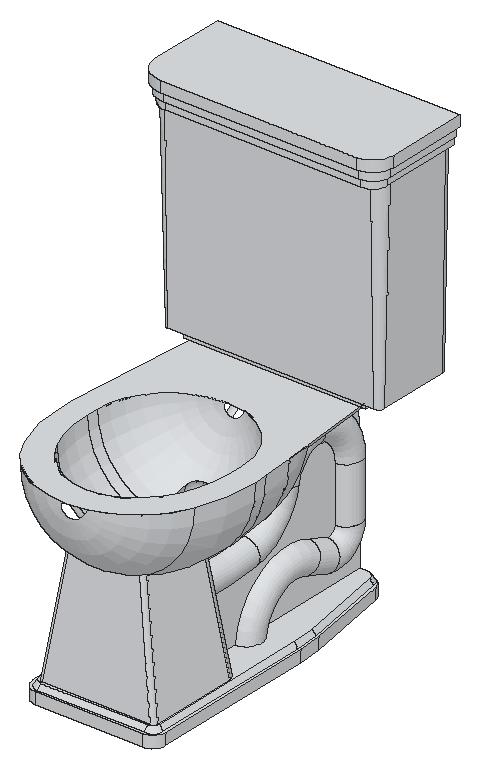
Revit family "Toilet-Elongated_Traditional_Eco-Promenade_CST423EF_TOTO", category Plumbing Fixtures, host Face, Revit 2013
Parameters
  ecoScorecard_data = "http://toto.ecoscorecard.com/product/CST423EF"
  ecoScorecard Product Page = "http://toto.ecoscorecard.com/product/CST423EF"
  Width = 1' - 6.4252"  # constant formula
  WaterSense = yes
  Waste Connection Wall Offset = 1' - 1 49/256"
  Waste Connection NPT Radius = 0' - 1 1/8"
  Waste Connection = yes
  Warranty URL = "http://www.totousa.com/warranty-registration"
  Warranty = "One Year Limited Warranty"
  WFU = 0
  Vent Connection = yes
  URL = "http://www.totousa.com"
  Toto BIM Number = "BM-00175"  # constant formula
  Supply Connection Radius [instance] = 0' - 0 3/16"
  Supply Connection Offset from Center = 0' - 6"
  Supply Connection Height Offset = 0' - 5 1/8"
  Subcategory = "Toilets"  # constant formula
  Style = "Traditional"  # constant formula
  Spec Sheet URL = "http://assets.totousa.com/product-files/SS-00217_CST423EF_G.pdf"
  Shipping Weight = 95.50 lbf
  Series = "Eco Promenade"  # constant formula
  SanoGloss Available = no
  Rough in Distance = 1' - 0"
  Rough in Availability = "12\""
  Product Page URL = " "
  Parts Manual URL = " "
  Mount Type = "Floor-Mounted"
  Model = "CST423EF"  # constant formula
  Manufacturer Phone - Toll Free = "1-888-295-8134"  # constant formula
  Manufacturer Phone = "(770) 282-8686"  # constant formula
  Manufacturer Fax = "(770) 282-0002"  # constant formula
  Manufacturer Email = "mailto:custservice@totousa.com"
  Manufacturer Address = "1155 Southern Road, Morrow, Georgia 30260"  # constant formula
  Manufacturer = "TOTO USA, Inc."  # constant formula
  Length = 2' - 2 1/8"  # constant formula
  Installation URL = " "
  Industry Standards = "Meets and exceeds ASME A112.19.2/CSA B45.1"
  Height = 2' - 10 115/256"  # constant formula
  HWFU = 0
  HW Connection = no
  Gallons Per Flush = 128.0 gal
  Flush System = "E-Max"
  Finish = Vitreous China - TOTO - 01 Cotton
  Description = "Close Coupled Toilet"  # constant formula
  Default Elevation = 0' - 0"
  Cost Info = "mailto:custservice@totousa.com "
  Color Availability = "#01 Cotton, #03 Bone, #11 Colonial White, #12 Sedona Beige, #51 Ebony"
  Cold Water Connection NPT Radius = 0' - 0 1/4"
  Code Compliance = "UPC, IPC, NSPC, NPC Canada, and others"
  Certifications = "IAPMO (cUPC), State of Massachusetts, City of Los Angeles, and others"
  CWFU = 0
  CW Connection = yes
  CAD Drawing URL = "http://assets.totousa.com/product-files/AD-00187_CST423.dxf"
  Bowl Material = "Vitreous China"
  Assembly Code = "D2010110"
  ADA Compliant = no
  95 CSI = "15410-800"  # constant formula
  04 CSI = "22 42 13"  # constant formula
Types (2): name | ecoScorecard_data | ecoScorecard Product Page
  (no name) | "http://toto.ecoscorecard.com/product/CST423EF" | "http://toto.ecoscorecard.com/product/CST423EF"
  CST423EF | " " | "  "
Reference planes (in)
  plane 1 "Center (Front/Back)": y = 0
  plane 2: z = 0
  plane 3 "Center (Left/Right)": x = 0
  plane 4: x = -5.0625
  plane 5: x = 5.0625
  plane 6: y = -13.0625
  plane 7: z = 34.44922
  plane 8: z = 0.875
  plane 9: z = 1.25
  plane 10: y = 13.0625
  plane 11: x = -7.375
  plane 12: x = 7.375
  plane 13: x = -9.5625
  plane 14: x = 9.5625
  plane 15 "Wall Closure": y = 13.8125
  plane 16: z = 32.26172
  plane 17: z = 16.25
  plane 18: z = 16.75
  plane 19: z = 14.5
  plane 20: z = 30.51172
  plane 21: y = 9.09375
  plane 22: z = 5.125
  plane 23: y = 1.8125
  plane 24: x = -6
  plane 25: y = 0.62109
  plane 26: x = 9.2126
  plane 27: x = -9.2126
Forms (in)
  Blend 1, solid, material "Vitreous China - TOTO - 01 Cotton" <- "Finish"
    base sketch origin (-60, -180, 32.26172) x (-1, 0, 0) y (0, -1, 0)
      loop
        line (-68.0625, -193.0625) -> (-51.9375, -193.0625)
        arc (-51.9375, -193.0625) -> (-51.53975, -192.89775) -> (-51.375, -192.5) r 0.5625
        line (-51.375, -192.5) -> (-51.375, -187.1259)
        arc (-51.375, -187.1259) -> (-51.60379, -186.56071) -> (-52.16132, -186.31382) r 0.8125
        arc (-52.16132, -186.31382) -> (-60, -186.1875) -> (-67.83868, -186.31382) r 243.26563
        arc (-67.83868, -186.31382) -> (-68.39621, -186.56071) -> (-68.625, -187.1259) r 0.8125
        line (-68.625, -187.1259) -> (-68.625, -192.5)
        arc (-68.625, -192.5) -> (-68.46025, -192.89775) -> (-68.0625, -193.0625) r 0.5625
    top sketch origin (-60, -180, 32.26172) x (-1, 0, 0) y (0, -1, 0)
      loop
        line (-68.0625, -192.82812) -> (-51.9375, -192.82812)
        arc (-51.9375, -192.82812) -> (-51.77177, -192.75948) -> (-51.70313, -192.59375) r 0.23438
        line (-51.70313, -192.59375) -> (-51.70313, -187.1259)
        arc (-51.70313, -187.1259) -> (-51.83952, -186.78896) -> (-52.17189, -186.64178) r 0.48437
        arc (-52.17189, -186.64178) -> (-60, -186.51562) -> (-67.82811, -186.64178) r 242.9375
        arc (-67.82811, -186.64178) -> (-68.16048, -186.78896) -> (-68.29688, -187.1259) r 0.48437
        line (-68.29688, -187.1259) -> (-68.29688, -192.59375)
        arc (-68.29688, -192.59375) -> (-68.22823, -192.75948) -> (-68.0625, -192.82812) r 0.23438
    from 0 to -15.51172
  Extrusion 2, solid, material "Vitreous China - TOTO - 01 Cotton" <- "Finish"
    sketch origin (-60, -180, 16.25) x (-1, 0, 0) y (0, -1, 0)
      loop
        line (-66.9375, -192.26562) -> (-53.0625, -192.26562) -> (-53.0625, -187.01562) -> (-66.9375, -187.01562) -> (-66.9375, -192.26562)
    from 0 to 0.5
  Revolve 3, solid, material "Vitreous China - TOTO - 01 Cotton" <- "Finish"
    sketch origin (-60, -180, 16.25) x (-1, 0, 0) y (0, -1, 0)
      loop
        arc (-53.52036, -171.28906) -> (-56.09738, -168.12634) -> (-60, -166.9375) r 7
        line (-60, -166.9375) -> (-60, -168.9375)
        arc (-60, -168.9375) -> (-57.25955, -169.85687) -> (-55.37168, -172.04576) r 5.46369
        arc (-55.37168, -172.04576) -> (-54.70065, -173.98593) -> (-54.47325, -176.02623) r 9.26682
        line (-54.47325, -176.02623) -> (-54.47325, -176.97154)
        arc (-54.47325, -176.97154) -> (-56.09199, -180.87955) -> (-60, -182.49829) r 5.52675
        line (-60, -182.49829) -> (-60, -185.8125)
        arc (-60, -185.8125) -> (-55.19147, -184.07666) -> (-52.89341, -179.51004) r 6.90744
        line (-52.89341, -179.51004) -> (-52.67578, -177.01953)
        arc (-52.67578, -177.01953) -> (-52.64086, -176.51024) -> (-52.625, -176) r 13.65234
        arc (-52.625, -176) -> (-52.83611, -173.59957) -> (-53.52036, -171.28906) r 12.05703
      axis (-60, -185.8125) -> (-60, -166.9375)
    angle from 0 to 180
  Blend 4, solid, material "Vitreous China - TOTO - 01 Cotton" <- "Finish"
    base sketch origin (-60, -180, 16.25) x (-1, 0, 0) y (0, -1, 0)
      loop
        line (-53.92836, -191.35254) -> (-52.90856, -179.66362)
        arc (-52.90856, -179.66362) -> (-55.24949, -184.12753) -> (-60, -185.8125) r 6.90744
        arc (-60, -185.8125) -> (-64.80853, -184.07666) -> (-67.10659, -179.51004) r 6.90744
        line (-67.10659, -179.51004) -> (-66.07175, -191.35268)
        arc (-66.07175, -191.35268) -> (-65.75117, -192.00287) -> (-65.07554, -192.26562) r 1
        line (-65.07554, -192.26562) -> (-54.92458, -192.26562)
        arc (-54.92458, -192.26562) -> (-54.2489, -192.00282) -> (-53.92836, -191.35254) r 1
    top sketch origin (-60, -180, 16.25) x (-1, 0, 0) y (0, -1, 0)
      loop
        line (-55.93596, -191.35254) -> (-54.85806, -178.99774)
        arc (-54.85806, -178.99774) -> (-56.8898, -181.54009) -> (-60, -182.49829) r 5.52675
        arc (-60, -182.49829) -> (-63.11281, -181.53831) -> (-65.14425, -178.99186) r 5.52675
        line (-65.14425, -178.99186) -> (-64.06413, -191.35268)
        arc (-64.06413, -191.35268) -> (-63.74355, -192.00287) -> (-63.06792, -192.26562) r 1
        line (-63.06792, -192.26562) -> (-56.93218, -192.26562)
        arc (-56.93218, -192.26562) -> (-56.2565, -192.00282) -> (-55.93596, -191.35254) r 1
    from 0 to -2.20526
  Extrusion 5, solid, material "Vitreous China - TOTO - 01 Cotton" <- "Finish"
    sketch origin (0, 0, 0) x (1, 0, 0) y (0, 1, 0)
      loop
        arc (-2.81351, 12.67187) -> (-3.4614, 12.43361) -> (-3.80055, 11.83235) r 1
        line (-3.80055, 11.83235) -> (-4.90698, 5.02687)
        arc (-4.90698, 5.02687) -> (-5.02356, 4.06717) -> (-5.0625, 3.1012) r 12
        line (-5.0625, 3.1012) -> (-5.0625, -9.67969)
        arc (-5.0625, -9.67969) -> (-4.76961, -10.38679) -> (-4.0625, -10.67969) r 1
        line (-4.0625, -10.67969) -> (4.0625, -10.67969)
        arc (4.0625, -10.67969) -> (4.76961, -10.38679) -> (5.0625, -9.67969) r 1
        line (5.0625, -9.67969) -> (5.0625, 3.1012)
        arc (5.0625, 3.1012) -> (5.02356, 4.06717) -> (4.90698, 5.02687) r 12
        line (4.90698, 5.02687) -> (3.80055, 11.83235)
        arc (3.80055, 11.83235) -> (3.4614, 12.43361) -> (2.81351, 12.67187) r 1
        line (2.81351, 12.67187) -> (-2.81351, 12.67187)
    from 0 to 0.875
  Blend 6, solid, material "Vitreous China - TOTO - 01 Cotton" <- "Finish"
    base sketch origin (-60, -180, 0.875) x (-1, 0, 0) y (0, -1, 0)
      loop
        line (-55.15625, -183.1012) -> (-55.15625, -170.32031)
        arc (-55.15625, -170.32031) -> (-55.38507, -169.76789) -> (-55.9375, -169.53906) r 0.78125
        line (-55.9375, -169.53906) -> (-64.0625, -169.53906)
        arc (-64.0625, -169.53906) -> (-64.61493, -169.76789) -> (-64.84375, -170.32031) r 0.78125
        line (-64.84375, -170.32031) -> (-64.84375, -183.1012)
        arc (-64.84375, -183.1012) -> (-64.80552, -184.04956) -> (-64.69107, -184.99176) r 11.78125
        line (-64.69107, -184.99176) -> (-63.54907, -192.01599)
        arc (-63.54907, -192.01599) -> (-63.28411, -192.48573) -> (-62.77795, -192.67187) r 0.78125
        line (-62.77795, -192.67187) -> (-57.22205, -192.67187)
        arc (-57.22205, -192.67187) -> (-56.71589, -192.48573) -> (-56.45093, -192.01599) r 0.78125
        line (-56.45093, -192.01599) -> (-55.30893, -184.99176)
        arc (-55.30893, -184.99176) -> (-55.19448, -184.04956) -> (-55.15625, -183.1012) r 11.78125
    top sketch origin (-60, -180, 0.875) x (-1, 0, 0) y (0, -1, 0)
      loop
        line (-55.40625, -183.1012) -> (-55.40625, -170.32031)
        arc (-55.40625, -170.32031) -> (-55.56185, -169.94466) -> (-55.9375, -169.78906) r 0.53125
        line (-55.9375, -169.78906) -> (-64.0625, -169.78906)
        arc (-64.0625, -169.78906) -> (-64.43815, -169.94466) -> (-64.59375, -170.32031) r 0.53125
        line (-64.59375, -170.32031) -> (-64.59375, -183.1012)
        arc (-64.59375, -183.1012) -> (-64.55633, -184.02943) -> (-64.44431, -184.95165) r 11.53125
        line (-64.44431, -184.95165) -> (-63.31611, -191.89099)
        arc (-63.31611, -191.89099) -> (-63.05115, -192.36073) -> (-62.54499, -192.54687) r 0.78125
        line (-62.54499, -192.54687) -> (-57.45501, -192.54687)
        arc (-57.45501, -192.54687) -> (-56.94885, -192.36073) -> (-56.68389, -191.89099) r 0.78125
        line (-56.68389, -191.89099) -> (-55.55569, -184.95165)
        arc (-55.55569, -184.95165) -> (-55.44367, -184.02943) -> (-55.40625, -183.1012) r 11.53125
    from 0 to 0.375
  Blend 7, solid, material "Vitreous China - TOTO - 01 Cotton" <- "Finish"
    base sketch origin (-60, -180, 1.25) x (-1, 0, 0) y (0, -1, 0)
      loop
        arc (-56.15625, -177.72317) -> (-55.7585, -177.55842) -> (-55.59375, -177.16067) r 0.5625
        line (-55.59375, -177.16067) -> (-55.59375, -170.32031)
        arc (-55.59375, -170.32031) -> (-55.69443, -170.07724) -> (-55.9375, -169.97656) r 0.34375
        line (-55.9375, -169.97656) -> (-64.0625, -169.97656)
        arc (-64.0625, -169.97656) -> (-64.30557, -170.07724) -> (-64.40625, -170.32031) r 0.34375
        line (-64.40625, -170.32031) -> (-64.40625, -177.16067)
        arc (-64.40625, -177.16067) -> (-64.2415, -177.55842) -> (-63.84375, -177.72317) r 0.5625
        line (-63.84375, -177.72317) -> (-56.15625, -177.72317)
    top sketch origin (-60, -180, 1.25) x (-1, 0, 0) y (0, -1, 0)
      loop
        arc (-62.94922, -176.37721) -> (-62.85769, -176.59818) -> (-62.63672, -176.68971) r 0.3125
        line (-62.63672, -176.68971) -> (-57.36328, -176.68971)
        arc (-57.36328, -176.68971) -> (-57.14231, -176.59818) -> (-57.05078, -176.37721) r 0.3125
        line (-57.05078, -176.37721) -> (-57.05078, -171.10377)
        arc (-57.05078, -171.10377) -> (-57.14231, -170.8828) -> (-57.36328, -170.79127) r 0.3125
        line (-57.36328, -170.79127) -> (-62.63672, -170.79127)
        arc (-62.63672, -170.79127) -> (-62.85769, -170.8828) -> (-62.94922, -171.10377) r 0.3125
        line (-62.94922, -171.10377) -> (-62.94922, -176.37721)
    from 0 to 9.47266
  Extrusion 8, solid, material "Vitreous China - TOTO - 01 Cotton" <- "Finish"
    sketch origin (0, 0, 0) x (0, 1, 0) y (0, 0, 1)
      loop
        line (12.54687, 1.25) -> (12.54687, 9.39423)
        arc (12.54687, 9.39423) -> (12.4765, 11.72373) -> (12.26562, 14.04474) r 38.58898
        line (12.26562, 14.04474) -> (4.54687, 14.04474) -> (-3.4123, 9.26238) -> (-3.4123, 1.25) -> (12.54687, 1.25)
    from -2 to 2
  Sweep 9, solid, material "Vitreous China - TOTO - 01 Cotton" <- "Finish"
    path origin (0, 0, 0) x (0, 1, 0) y (0, 0, 1)
      loop
        arc (1.78737, 0.875) -> (3.61117, 4.08496) -> (7.29702, 4.29592) r 3.86115
        arc (7.29702, 4.29592) -> (8.2381, 3.90784) -> (9.21331, 3.61595) r 10.1517
        arc (9.21331, 3.61595) -> (10.65265, 3.92605) -> (11.29687, 5.25) r 1.68254
        line (11.29687, 5.25) -> (11.29687, 9.5)
        arc (11.29687, 9.5) -> (10.29349, 11.92238) -> (7.87111, 12.92576) r 3.42576
        arc (7.87111, 12.92576) -> (5.997, 12.23721) -> (5.01444, 10.49912) r 2.89478
        arc (5.01444, 10.49912) -> (3.87486, 8.30261) -> (1.65744, 7.20429) r 3.97939
        arc (1.65744, 7.20429) -> (-1.01254, 6.98058) -> (-3.69008, 7.0789) r 22.28672
    profile origin (0, 11.29687, 7.375) x (0, -1, 0) y (1, 0, 0)
      loop
        arc (1.125, 2) -> (0, 3.125) -> (-1.125, 2) r 1.125
        line (-1.125, 2) -> (-1.125, -2)
        arc (-1.125, -2) -> (0, -3.125) -> (1.125, -2) r 1.125
        line (1.125, -2) -> (1.125, 2)
  Revolve 10, void
    sketch origin (-60, -180, 10.75) x (-1, 0, 0) y (0, -1, 0)
      loop
        line (-60, -180.5) -> (-59.5, -180.5)
        arc (-59.5, -180.5) -> (-59.01226, -180.29797) -> (-58.81023, -179.81023) r 0.68977
        arc (-58.81023, -179.81023) -> (-58.93776, -178.301) -> (-59.31673, -176.83458) r 8.99415
        arc (-59.31673, -176.83458) -> (-59.49936, -176.59213) -> (-59.78857, -176.5) r 0.5
        line (-59.78857, -176.5) -> (-60, -176.5) -> (-60, -180.5)
      axis (-60, -180.5) -> (-60, -176.5)
    angle from 0 to 360
  Extrusion 11, solid, material "Metal - TOTO - Chrome - Polished", detail levels fine
    sketch origin (-8.8308, -58.59704, 51.24468) x (0, -1, 0) y (0, 0, -1)
      loop
        circle (-67.69079, 20.73296) r 0.75
    from 0 to 0.5
  Blend 12, solid, material "Metal - TOTO - Chrome - Polished", detail levels fine
    base sketch origin (-8.8308, -58.59704, 51.24468) x (0, 1, 0) y (0, 0, -1)
      loop
        circle (67.69079, 20.73296) r 0.68349
    top sketch origin (-8.8308, -58.59704, 51.24468) x (0, 1, 0) y (0, 0, -1)
      loop
        circle (67.69079, 20.73296) r 0.44247
    from 0 to 0.625
  Revolve 13, solid, material "Metal - TOTO - Chrome - Polished", detail levels fine
    sketch origin (-55.3308, 9.09375, 50.74468) x (-1, 0, 0) y (0, 0, 1)
      loop
        line (-45.875, -20.23296) -> (-44.8047, -20.23296)
        arc (-44.8047, -20.23296) -> (-45.19091, -19.65145) -> (-45.875, -19.79049) r 0.625
        line (-45.875, -19.79049) -> (-45.875, -20.23296)
      axis (-45.875, -20.23296) -> (-44.8047, -20.23296)
    angle from 0 to 360
  Revolve 14, solid, material "Metal - TOTO - Chrome - Polished", detail levels fine
    sketch origin (-9.90139, -60.84704, 50.86777) x (0, -1, 0) y (0, 0, 1)
      loop
        line (-69.94079, -20.98296) -> (-69.94079, -22.73296) -> (-69.85912, -22.73296)
        arc (-69.85912, -22.73296) -> (-69.72246, -22.67384) -> (-69.67198, -22.53376) r 0.1875
        line (-69.67198, -22.53376) -> (-69.77014, -20.96329)
        arc (-69.77014, -20.96329) -> (-69.8549, -20.97802) -> (-69.94079, -20.98296) r 0.75
      axis (-69.94079, -20.96329) -> (-69.94079, -22.73296)
    angle from 0 to 360
  Extrusion 15, solid, material "Metal - TOTO - Chrome - Polished", detail levels fine
    sketch origin (60, 13.8125, 48) x (1, 0, 0) y (0, 0, -1)
      loop
        circle (-66, 42.875) r 0.1875
    from 0 to 0.25
  Extrusion 16, void
    sketch origin (0, 0, 0) x (1, 0, 0) y (0, 1, 0)
      loop
        circle (0, 0.62109) r 1.125
    from 0 to 0.25
  Sweep 17, void
    path origin (-59.80315, -180, 16.25) x (-1, 0, 0) y (0, -1, 0)
      loop
        line (-69.01575, -193.0625) -> (-69.01575, -186.80266)
        arc (-69.01575, -186.80266) -> (-68.5545, -185.6891) -> (-67.44094, -185.22785) r 1.5748
        line (-67.44094, -185.22785) -> (-52.55906, -185.22785)
        arc (-52.55906, -185.22785) -> (-51.16711, -185.80442) -> (-50.59055, -187.19636) r 1.9685
        line (-50.59055, -187.19636) -> (-50.59055, -193.0625)
    profile origin (9.2126, 9.93258, 16.25) x (1, 0, 0) y (0, 0, 1)
      loop
        line (-0.44538, 16.01172) -> (1.03888, 16.01172) -> (1.03888, 18.19922) -> (0, 18.19922) -> (0, 17.38672) -> (-0.24853, 17.38672) -> (-0.24853, 16.63672) -> (-0.44538, 16.63672) -> (-0.44538, 16.01172)
  Extrusion 18, solid, material "Vitreous China - TOTO - 01 Cotton" <- "Finish"
    sketch origin (60, 13.8125, 48) x (1, 0, 0) y (0, 0, -1)
      loop
        line (-69.36565, 13.55078) -> (-50.63435, 13.55078) -> (-50.63435, 15.73828) -> (-69.36565, 15.73828) -> (-69.36565, 13.55078)
    from -8.58465 to -0.75
Cuts and joins
  Revolve 10 cuts Revolve 3
  Revolve 10 cuts Blend 4
  Revolve 10 cuts Blend 6
  Revolve 10 cuts Blend 7
  Revolve 10 cuts Extrusion 8
  Revolve 10 cuts Sweep 9
  joined: Revolve 3, Blend 4, Blend 6, Blend 7, Extrusion 8, Sweep 9
  Extrusion 16 cuts Extrusion 5
  Sweep 17 cuts Extrusion 18
Lines and regions (in)
  Masking region 1
    outline origin (-60, -180, 16.25) x (-1, 0, 0) y (0, -1, 0)
      loop
        arc (-53.52036, -171.28906) -> (-60, -166.9375) -> (-66.47964, -171.28906) r 7
        arc (-66.47964, -171.28906) -> (-67.16389, -173.59957) -> (-67.375, -176) r 12.05703
        arc (-67.375, -176) -> (-67.35914, -176.51024) -> (-67.32422, -177.01953) r 13.65234
        line (-67.32422, -177.01953) -> (-67.10659, -179.51004) -> (-66.73063, -183.8125) -> (-66.64325, -184.8125) -> (-66.59567, -185.35695)
        arc (-66.59567, -185.35695) -> (-60.00047, -185.25) -> (-53.40528, -185.35695) r 203.41002
        line (-53.40528, -185.35695) -> (-53.35778, -184.8125) -> (-53.27053, -183.8125) -> (-52.90856, -179.66362)
        arc (-52.90856, -179.66362) -> (-52.90056, -179.58687) -> (-52.89341, -179.51004) r 6.90744
        line (-52.89341, -179.51004) -> (-52.67578, -177.01953)
        arc (-52.67578, -177.01953) -> (-52.64086, -176.51024) -> (-52.625, -176) r 13.65234
        arc (-52.625, -176) -> (-52.83611, -173.59957) -> (-53.52036, -171.28906) r 12.05703
  Masking region 2
    outline origin (-60, -180, 34.44922) x (-1, 0, 0) y (0, -1, 0)
      loop
        arc (-50.7874, -187.19636) -> (-51.36396, -185.80442) -> (-52.75591, -185.22785) r 1.9685
        line (-52.75591, -185.22785) -> (-67.6378, -185.22785)
        arc (-67.6378, -185.22785) -> (-68.75135, -185.6891) -> (-69.2126, -186.80266) r 1.5748
        line (-69.2126, -186.80266) -> (-69.2126, -191.99951)
        arc (-69.2126, -191.99951) -> (-68.90126, -192.75116) -> (-68.14961, -193.0625) r 1.06299
        line (-68.14961, -193.0625) -> (-51.85039, -193.0625)
        arc (-51.85039, -193.0625) -> (-51.09874, -192.75116) -> (-50.7874, -191.99951) r 1.06299
        line (-50.7874, -191.99951) -> (-50.7874, -187.19636)
  symbolic lines
    curve 1: line (-0.2102, -3.5, 34.44922) -> (0.2102, -3.5, 34.44922)
    curve 2: arc (-0.2102, -3.5, 34.44922) -> (-0.50227, -3.41086, 34.44922) -> (-0.68473, -3.16599, 34.44922) r 0.48969
    curve 3: arc (0.2102, -3.5, 34.44922) -> (0.50227, -3.41086, 34.44922) -> (0.68473, -3.16599, 34.44922) r 0.48969
    curve 4: arc (4.60395, -7.94396, 16.25) -> (0, -10.99784, 16.25) -> (-4.60395, -7.94396, 16.25) r 4.99734
    curve 5: arc (-4.62832, -7.95424, 16.25) -> (-5.29935, -6.01407, 16.25) -> (-5.52675, -3.97377, 16.25) r 9.26682
    curve 6: arc (5.52675, -3.97377, 16.25) -> (5.29935, -6.01407, 16.25) -> (4.62832, -7.95424, 16.25) r 9.26682
    curve 7: line (5.52675, -3.02846, 16.25) -> (5.52675, -3.97377, 16.25)
    curve 8: line (-5.52675, -3.97377, 16.25) -> (-5.52675, -3.02846, 16.25)
    curve 9: arc (-5.52675, -3.02846, 16.25) -> (0, 2.49829, 16.25) -> (5.52675, -3.02846, 16.25) r 5.52675
    curve 10: line (-0.84811, -0.18977, 16.25) -> (0.84811, -0.18977, 16.25)
    curve 11: line (-0.72974, -3.02846, 16.25) -> (-0.84811, -0.18977, 16.25)
    curve 12: line (0.84811, -0.18977, 16.25) -> (0.72974, -3.02846, 16.25)
    curve 13: spline (-0.68309, -3.16542, 16.25) -> (-0.68707, -3.15404, 16.25) -> (-0.69102, -3.14265, 16.25) -> (-0.69496, -3.13125, 16.25) -> (-0.69889, -3.11985, 16.25) -> (-0.7028, -3.10845, 16.25) -> (-0.7067, -3.09704, 16.25) -> (-0.71057, -3.08562, 16.25) -> (-0.71444, -3.0742, 16.25) -> (-0.71829, -3.06277, 16.25) -> (-0.72212, -3.05134, 16.25) -> (-0.72593, -3.0399, 16.25) -> (-0.72974, -3.02846, 16.25)
    curve 14: spline (0.72974, -3.02846, 16.25) -> (0.72593, -3.0399, 16.25) -> (0.72212, -3.05134, 16.25) -> (0.71829, -3.06277, 16.25) -> (0.71444, -3.0742, 16.25) -> (0.71057, -3.08562, 16.25) -> (0.7067, -3.09704, 16.25) -> (0.7028, -3.10845, 16.25) -> (0.69889, -3.11985, 16.25) -> (0.69496, -3.13125, 16.25) -> (0.69102, -3.14265, 16.25) -> (0.68707, -3.15404, 16.25) -> (0.68309, -3.16542, 16.25)
Dimensions and locks (in)
  "Length": plane 10 to plane 6
  equal spacing: plane 6, plane 1 "Center (Front/Back)", plane 10
  "Height": plane 7 to plane 2
  locked: plane 13 to plane 14 at 19.125
  equal spacing: plane 13, plane 3 "Center (Left/Right)", plane 14
  locked: plane 15 "Wall Closure" to plane 10 at 0.75
  locked: plane 7 to plane 16 at 2.1875
  Blend 1 sketch curve to Blend 1 sketch curve to Blend 1 sketch curve to plane 3 "Center (Left/Right)" to Blend 1 sketch curve to Blend 1 sketch curve to Blend 1 sketch curve = 0' - 0 9/16" locked, 0' - 0.22382" locked, 0' - 7.83868" locked, 0' - 7.83868" locked, 0' - 0.22382" locked, 0' - 0 9/16" locked
  plane 10 to Blend 1 sketch curve to Blend 1 sketch curve to Blend 1 sketch curve = 0' - 0 9/16" locked, 0' - 5.3741" locked, 0' - 0.81208" locked  (x2)
  locked: plane 18 to plane 2 at 16.75
  locked: plane 18 to plane 17 at 0.5
  locked: plane 17 to plane 2 at 16.25
  Extrusion 2 sketch curve to plane 3 "Center (Left/Right)" to Extrusion 2 sketch curve = 0' - 6 15/16" locked, 0' - 6 15/16" locked
  plane 10 to Extrusion 2 sketch curve to Extrusion 2 sketch curve = 0' - 0 51/64" locked, 0' - 5 1/4" locked
  locked: plane 17 to plane 19 at 1.75
  Blend 1 sketch curve to Blend 1 sketch curve to Blend 1 sketch curve to plane 3 "Center (Left/Right)" to Blend 1 sketch curve to Blend 1 sketch curve to Blend 1 sketch curve = 0' - 0 15/64" locked, 0' - 0 15/64" locked, 0' - 7 53/64" locked, 0' - 7 53/64" locked, 0' - 0 15/64" locked, 0' - 0 15/64" locked
  plane 10 to Blend 1 sketch curve to Blend 1 sketch curve to Blend 1 sketch curve to Blend 1 sketch curve = 0' - 0 15/64" locked, 0' - 0 15/64" locked, 0' - 5.46785" locked, 0' - 0.48412" locked
  Blend 1 sketch curve to Blend 1 sketch curve to Blend 1 sketch curve to Blend 1 sketch curve = 0' - 0 15/64" locked, 0' - 5.46785" locked, 0' - 0.48412" locked
  Extrusion 11 to Revolve 13 = 0' - 0 5/8"
  locked: plane 10 to plane 21 at 3.96875
  locked: plane 16 to plane 20 at 1.75
  plane 10 to Sweep 9 sketch curve to Sweep 9 sketch curve = 0' - 0 41/64" locked, 0' - 2 1/4" locked
  Sweep 9 sketch curve to plane 3 "Center (Left/Right)" to Sweep 9 sketch curve = 0' - 2" locked, 0' - 2" locked  (x2)
  Blend 6 sketch curve to Blend 6 sketch curve to Blend 6 sketch curve to Blend 6 sketch curve to Blend 6 sketch curve to plane 3 "Center (Left/Right)" to Blend 6 sketch curve to Blend 6 sketch curve to Blend 6 sketch curve to Blend 6 sketch curve to Blend 6 sketch curve = 0' - 0.15268" locked, 0' - 0.62857" locked, 0' - 0.51343" locked, 0' - 0.77113" locked, 0' - 2.77795" locked, 0' - 2.77795" locked, 0' - 0.77113" locked, 0' - 0.51343" locked, 0' - 0.62857" locked, 0' - 0.15268" locked
  Blend 6 sketch curve to Blend 6 sketch curve to plane 1 "Center (Front/Back)" to Blend 6 sketch curve to Blend 6 sketch curve to Blend 6 sketch curve to Blend 6 sketch curve = 0' - 0 25/32" locked, 0' - 9 87/128" locked, 0' - 3.1012" locked, 0' - 1.89057" locked, 0' - 7.02423" locked, 0' - 0.65588" locked
  Blend 6 sketch curve to Blend 6 sketch curve to Blend 6 sketch curve to Blend 6 sketch curve = 0' - 0.65588" locked, 0' - 7.02423" locked, 0' - 1.89057" locked
  locked: Blend 6 sketch curve to Blend 6 sketch curve at 0.78125
  Blend 6 sketch curve to Blend 6 sketch curve to Blend 6 sketch curve to Blend 6 sketch curve to Blend 6 sketch curve to plane 3 "Center (Left/Right)" to Blend 6 sketch curve to Blend 6 sketch curve to Blend 6 sketch curve to Blend 6 sketch curve to Blend 6 sketch curve = 0' - 0.14944" locked, 0' - 0.38181" locked, 0' - 0.74639" locked, 0' - 0.77113" locked, 0' - 2.54499" locked, 0' - 2.54499" locked, 0' - 0.77113" locked, 0' - 0.74639" locked, 0' - 0.38181" locked, 0' - 0.14944" locked
  Blend 6 sketch curve to Blend 6 sketch curve to plane 1 "Center (Front/Back)" to Blend 6 sketch curve to Blend 6 sketch curve to Blend 6 sketch curve to Blend 6 sketch curve = 0' - 0 17/32" locked, 0' - 9 87/128" locked, 0' - 3.1012" locked, 0' - 1.85045" locked, 0' - 6.93935" locked, 0' - 0.65588" locked
  Blend 6 sketch curve to Blend 6 sketch curve to Blend 6 sketch curve to Blend 6 sketch curve = 0' - 0.65588" locked, 0' - 6.93935" locked, 0' - 1.85045" locked
  locked: Blend 6 sketch curve to Blend 6 sketch curve at 0.53125
  Extrusion 5 sketch curve to Extrusion 5 sketch curve to Extrusion 5 sketch curve to Extrusion 5 sketch curve to Extrusion 5 sketch curve to plane 3 "Center (Left/Right)" to Extrusion 5 sketch curve to Extrusion 5 sketch curve to Extrusion 5 sketch curve to Extrusion 5 sketch curve to Extrusion 5 sketch curve = 0' - 0.15552" locked, 0' - 0.84448" locked, 0' - 0.26195" locked, 0' - 0.98704" locked, 0' - 2.81351" locked, 0' - 2.81351" locked, 0' - 0.98704" locked, 0' - 0.26195" locked, 0' - 0.84448" locked, 0' - 0.15552" locked
  Extrusion 5 sketch curve to Extrusion 5 sketch curve to plane 1 "Center (Front/Back)" to Extrusion 5 sketch curve to Extrusion 5 sketch curve to Extrusion 5 sketch curve to Extrusion 5 sketch curve = 0' - 1" locked, 0' - 9 87/128" locked, 0' - 3.1012" locked, 0' - 1.92567" locked, 0' - 6.80548" locked, 0' - 0.83953" locked
  Extrusion 5 sketch curve to Extrusion 5 sketch curve to Extrusion 5 sketch curve to Extrusion 5 sketch curve = 0' - 1.92567" locked, 0' - 6.80548" locked, 0' - 0.83953" locked
  locked: Extrusion 5 sketch curve to Extrusion 5 sketch curve at 1
  Blend 7 sketch curve to Blend 7 sketch curve to Blend 7 sketch curve to plane 3 "Center (Left/Right)" to Blend 7 sketch curve to Blend 7 sketch curve to Blend 7 sketch curve = 0' - 0 11/32" locked, 0' - 0 7/32" locked, 0' - 3 27/32" locked, 0' - 3 27/32" locked, 0' - 0 7/32" locked, 0' - 0 11/32" locked
  plane 6 to Blend 7 sketch curve to Blend 7 sketch curve to Blend 7 sketch curve to Blend 7 sketch curve = 0' - 3 5/128" locked, 0' - 0 11/32" locked, 0' - 6.84036" locked, 0' - 0 9/16" locked
  locked: Blend 7 sketch curve to Blend 7 sketch curve at 0.5625
  locked: Blend 7 sketch curve to Blend 7 sketch curve at 0.34375
  Blend 7 sketch curve to Blend 7 sketch curve to Blend 7 sketch curve to plane 3 "Center (Left/Right)" to Blend 7 sketch curve to Blend 7 sketch curve to Blend 7 sketch curve = 0' - 0 5/16" locked, 0' - 0" locked, 0' - 2 163/256" locked, 0' - 2 163/256" locked, 0' - 0" locked, 0' - 0 5/16" locked
  plane 6 to Blend 7 sketch curve to Blend 7 sketch curve to Blend 7 sketch curve to Blend 7 sketch curve = 0' - 3.85377" locked, 0' - 0 5/16" locked, 0' - 5 35/128" locked, 0' - 0 5/16" locked
  locked: Blend 7 sketch curve to Blend 7 sketch curve at 0.3125  (x2)
  locked: cut or joined group of Revolve 3, Blend 4, Blend 6, Blend 7, Extrusion 8, Sweep 9, Revolve 10 to plane 9 at 9.47266
  locked: cut or joined group of Revolve 3, Blend 4, Blend 6, Blend 7, Extrusion 8, Sweep 9, Revolve 10 to plane 8 at 9.84766
  cut or joined group of Revolve 3, Blend 4, Blend 6, Blend 7, Extrusion 8, Sweep 9, Revolve 10 to plane 3 "Center (Left/Right)" to cut or joined group of Revolve 3, Blend 4, Blend 6, Blend 7, Extrusion 8, Sweep 9, Revolve 10 = 0' - 2" locked, 0' - 2" locked
  Revolve 3 sketch curve to Revolve 3 sketch curve to Revolve 3 sketch curve to plane 1 "Center (Front/Back)" to Revolve 3 sketch curve = 0' - 5 187/256" locked, 0' - 2.49051" locked, 0' - 0.48996" locked, 0' - 5 13/16" locked
  Revolve 3 sketch curve to Revolve 3 sketch curve to Revolve 3 sketch curve to plane 1 "Center (Front/Back)" to Revolve 3 sketch curve = 0' - 3.10826" locked, 0' - 4 237/256" locked, 0' - 3.02846" locked, 0' - 2.49829" locked
  Revolve 3 sketch curve to Revolve 3 sketch curve to Revolve 3 sketch curve to Revolve 3 sketch curve = 0' - 0.21763" locked, 0' - 0.62695" locked, 0' - 6.47964" locked
  Revolve 3 sketch curve to Revolve 3 sketch curve to Revolve 3 sketch curve = 0' - 0 115/128" locked, 0' - 4.62832" locked
  Blend 4 sketch curve to Blend 4 sketch curve to Blend 4 sketch curve to Blend 4 sketch curve to plane 3 "Center (Left/Right)" to Blend 4 sketch curve to Blend 4 sketch curve to Blend 4 sketch curve to Blend 4 sketch curve = 0' - 1.01981" locked, 0' - 0.99622" locked, 0' - 4.85004" locked, 0' - 0.22538" locked, 0' - 0.22538" locked, 0' - 4.85017" locked, 0' - 0.9962" locked, 0' - 1.03484" locked
  locked: Blend 4 sketch curve to plane 3 "Center (Left/Right)" at 0
  plane 10 to Blend 4 sketch curve to Blend 4 sketch curve to Blend 4 sketch curve to Blend 4 sketch curve = 0' - 0 51/64" locked, 0' - 0.91308" locked, 0' - 5.54004" locked, 0' - 6.14888" locked
  Blend 4 sketch curve to Blend 4 sketch curve to Blend 4 sketch curve = 0' - 11.84264" locked, 0' - 0.91295" locked
  Blend 4 sketch curve to Blend 4 sketch curve to Blend 4 sketch curve to plane 3 "Center (Left/Right)" to Blend 4 sketch curve to Blend 4 sketch curve to Blend 4 sketch curve = 0' - 1.0779" locked, 0' - 0.99622" locked, 0' - 3.06782" locked, 0' - 3.06792" locked, 0' - 0.9962" locked, 0' - 1.08012" locked
  plane 10 to Blend 4 sketch curve to Blend 4 sketch curve to Blend 4 sketch curve to Blend 4 sketch curve = 0' - 0 51/64" locked, 0' - 0.91308" locked, 0' - 8.85425" locked, 0' - 3.50055" locked
  Blend 4 sketch curve to Blend 4 sketch curve to Blend 4 sketch curve = 0' - 0.91295" locked, 1' - 0.36081" locked
  locked: cut or joined group of Revolve 3, Blend 4, Blend 6, Blend 7, Extrusion 8, Sweep 9, Revolve 10 to plane 17 at 2.20526
  locked: cut or joined group of Revolve 3, Blend 4, Blend 6, Blend 7, Extrusion 8, Sweep 9, Revolve 10 to plane 19 at 0.45526
  Revolve 10 sketch curve to Revolve 10 sketch curve to Revolve 10 sketch curve to Revolve 10 sketch curve to Revolve 10 sketch curve = 0' - 0.5065" locked, 0' - 0.18327" locked, 0' - 0.28857" locked, 0' - 0.21143" locked
  Revolve 10 sketch curve to Revolve 10 sketch curve to Revolve 10 sketch curve to plane 1 "Center (Front/Back)" to Revolve 10 sketch curve = 0' - 0.33458" locked, 0' - 2.97565" locked, 0' - 0.18977" locked, 0' - 0 1/2" locked
  locked: plane 19 to cut or joined group of Revolve 3, Blend 4, Blend 6, Blend 7, Extrusion 8, Sweep 9, Revolve 10 at 3.72837
  locked: cut or joined group of Revolve 3, Blend 4, Blend 6, Blend 7, Extrusion 8, Sweep 9, Revolve 10 to plane 9 at 9.51562
  locked: Extrusion 11 sketch curve to plane 21 at 0
  locked: Extrusion 11 sketch curve to plane 20 at 0
  locked: Blend 12 sketch curve to plane 21 at 0  (x2)
  locked: Blend 12 sketch curve to plane 20 at 0  (x2)
  Revolve 13 sketch curve to plane 13 to Revolve 13 sketch curve = 0' - 0.1067" locked, 0' - 0.9636" locked
  locked: Revolve 13 sketch curve to Revolve 13 sketch curve at 0.44247
  Revolve 14 sketch curve to Revolve 14 sketch curve to Revolve 14 sketch curve to Revolve 14 sketch curve = 0' - 0.08167" locked, 0' - 0.08898" locked, 0' - 0.09815" locked
  plane 20 to Revolve 14 sketch curve to Revolve 14 sketch curve to Revolve 14 sketch curve to Revolve 14 sketch curve = 0' - 0.60723" locked, 0' - 0.01967" locked, 0' - 1.5508" locked, 0' - 0.1992" locked
  locked: plane 13 to Extrusion 11 at 0.7317
  locked: Extrusion 11 to plane 4 at 3.7683
  locked: plane 11 to Extrusion 11 at 0.9558
  locked: Extrusion 11 to plane 13 at 1.2317
  locked: Revolve 13 to plane 13 at 0.1067
  locked: plane 11 to Revolve 13 at 2.0808
  locked: plane 13 to Revolve 14 at 0.33889
  locked: plane 11 to Revolve 14 at 2.52639
  "Supply Connection Height Offset": plane 22 to plane 2
  locked: plane 15 "Wall Closure" to plane 23 at 12
  "Supply Connection Offset from Center": plane 3 "Center (Left/Right)" to plane 24
  locked: Extrusion 15 sketch curve to plane 24 at 0
  locked: Extrusion 15 sketch curve to plane 22 at 0
  locked: Extrusion 15 to plane 15 "Wall Closure" at 0.25
  locked: Extrusion 15 to plane 10 at 1
  locked: Extrusion 16 sketch curve to plane 3 "Center (Left/Right)" at 0
  locked: Extrusion 16 to plane 2 at 0.25
  locked: plane 8 to Extrusion 16 at 0.625
  locked: plane 12 to plane 14 at 2.1875
  locked: plane 5 to plane 12 at 2.3125
  "Waste Connection Wall Offset": plane 15 "Wall Closure" to plane 25
  locked: Extrusion 16 sketch curve to plane 25 at 0
  locked: plane 21 to Masking region 1 sketch curve at 3.84375
  plane 21 to Masking region 1 sketch curve to Masking region 1 sketch curve = 0' - 3.7368" locked, 0' - 0" locked
  locked: Revolve 13 sketch curve to plane 21
  plane 19 to Extrusion 8 sketch curve to Extrusion 8 sketch curve to Extrusion 8 sketch curve to Extrusion 8 sketch curve = 0' - 0.45526" locked, 0' - 4.65051" locked, 0' - 0.13185" locked, 0' - 8.01238" locked
  plane 10 to Extrusion 8 sketch curve to Extrusion 8 sketch curve to Extrusion 8 sketch curve to Extrusion 8 sketch curve to Extrusion 8 sketch curve = 0' - 0 33/64" locked, 0' - 0" locked, 0' - 0 9/32" locked, 0' - 7 23/32" locked, 0' - 7.95917" locked
  plane 11 to curve 11 to curve 13 to curve 14 to curve 12 = 0' - 6.52689" locked, 0' - 0.11837" locked, 0' - 1.45947" locked, 0' - 0.11837" locked
  plane 6 to curve 13 to curve 14 to curve 11 to curve 12 = 0' - 10.03404" locked, 0' - 0" locked, 0' - 2.83869" locked, 0' - 0" locked
  Sweep 9 sketch curve to Sweep 9 sketch curve to Sweep 9 sketch curve to Sweep 9 sketch curve to Sweep 9 sketch curve to Sweep 9 sketch curve to Sweep 9 sketch curve to Sweep 9 sketch curve to plane 2 = 0' - 2.42665" locked, 0' - 0.99912" locked, 0' - 2.29571" locked, 0' - 0.12539" locked, 0' - 1.8289" locked, 0' - 0.95408" locked, 0' - 0.67997" locked, 0' - 3.61595" locked
  Sweep 9 sketch curve to Sweep 9 sketch curve to Sweep 9 sketch curve to Sweep 9 sketch curve to Sweep 9 sketch curve to Sweep 9 sketch curve to Sweep 9 sketch curve to Sweep 9 sketch curve to plane 6 = 0' - 2.08357" locked, 0' - 1.34219" locked, 0' - 0.57409" locked, 0' - 2.28258" locked, 0' - 3.22707" locked, 0' - 0.12993" locked, 0' - 5.34752" locked, 0' - 9.37242" locked
  equal spacing: plane 27, plane 3 "Center (Left/Right)", plane 26
  "Width": plane 27 to plane 26
  locked: Sweep 17 sketch curve to plane 10 at 7.83465
  Sweep 17 sketch curve to Sweep 17 sketch curve to Sweep 17 sketch curve to plane 14 to Sweep 17 sketch curve = 0' - 0.19685" locked, 0' - 0.24853" locked, 0' - 0.3499" locked, 0' - 0.68898" locked
  plane 7 to Sweep 17 sketch curve to Sweep 17 sketch curve = 0' - 0 13/16" locked, 0' - 0 3/4" locked
  locked: cut or joined group of Sweep 17, Extrusion 18 to plane 10 at 7.83465
  locked: Extrusion 18 sketch curve to plane 13 at 0.19685
  locked: Extrusion 18 sketch curve to Extrusion 18 sketch curve at 18.7313
  locked: plane 27 to Masking region 2 sketch curve at 1.06299
  locked: plane 10 to Masking region 2 sketch curve at 1.06299  (x2)
  locked: Masking region 2 sketch curve to plane 26 at 1.06299
  radius of Extrusion 11 sketch curve = 0' - 0 3/4"
  radius of Blend 12 sketch curve = 0' - 0.68349"
  radius of Blend 12 sketch curve = 0' - 0.44247"
  "Supply Connection Radius": radius of Extrusion 15 sketch curve
  "Waste Connection NPT Radius": radius of Extrusion 16 sketch curve
  radius of Sweep 9 sketch curve = 0' - 3.86115"
  locked: Revolve 3 to Revolve 3 (angle 180.00°)
  aligned and locked: plane 2 to host face
  aligned and locked: level to host face
  aligned and locked: plane 10 to Blend 1 sketch curve
  aligned and locked: plane 16 to Blend 1
  aligned and locked: Blend 1 to plane 18
  aligned and locked: plane 18 to Extrusion 2
  aligned and locked: Extrusion 2 to plane 17
  aligned and locked: Revolve 3 sketch curve to plane 3 "Center (Left/Right)"
  aligned and locked: Revolve 3 sketch curve to Revolve 3 sketch curve
  aligned and locked: plane 8 to Extrusion 5
  aligned and locked: Extrusion 5 to plane 2
  aligned and locked: Blend 6 to plane 8
  aligned and locked: plane 9 to Blend 6
  aligned and locked: Revolve 10 sketch curve to plane 3 "Center (Left/Right)"
  aligned and locked: Blend 12 to Extrusion 11
  aligned and locked: Blend 12 to Revolve 13
  aligned and locked: Revolve 14 sketch curve to Revolve 14 sketch curve
  aligned and locked: plane 20 to Revolve 13 sketch curve
  aligned and locked: Revolve 13 sketch curve to Revolve 13 sketch curve
  aligned and locked: plane 21 to Revolve 14 sketch curve
  aligned and locked: cut or joined group of Revolve 3, Blend 4, Blend 6, Blend 7, Extrusion 8, Sweep 9, Revolve 10 to plane 9
  aligned and locked: plane 9 to Extrusion 8 sketch curve
  aligned and locked: plane 17 to cut or joined group of Revolve 3, Blend 4, Blend 6, Blend 7, Extrusion 8, Sweep 9, Revolve 10  (x2)
  aligned and locked: Revolve 10 sketch curve to Revolve 10 sketch curve
  aligned and locked: Extrusion 15 to plane 15 "Wall Closure"
  aligned and locked: plane 2 to Extrusion 16
  aligned and locked: Masking region 1 sketch curve to cut or joined group of Revolve 3, Blend 4, Blend 6, Blend 7, Extrusion 8, Sweep 9, Revolve 10  (x6)
  aligned and locked: curve 1 to cut or joined group of Revolve 3, Blend 4, Blend 6, Blend 7, Extrusion 8, Sweep 9, Revolve 10
  aligned and locked: curve 4 to cut or joined group of Revolve 3, Blend 4, Blend 6, Blend 7, Extrusion 8, Sweep 9, Revolve 10
  aligned and locked: curve 5 to cut or joined group of Revolve 3, Blend 4, Blend 6, Blend 7, Extrusion 8, Sweep 9, Revolve 10
  aligned and locked: curve 6 to cut or joined group of Revolve 3, Blend 4, Blend 6, Blend 7, Extrusion 8, Sweep 9, Revolve 10
  aligned and locked: curve 9 to cut or joined group of Revolve 3, Blend 4, Blend 6, Blend 7, Extrusion 8, Sweep 9, Revolve 10
  aligned and locked: plane 8 to Sweep 9 sketch curve
  aligned and locked: Sweep 9 sketch curve to plane 3 "Center (Left/Right)"
  aligned and locked: plane 26 to Sweep 17 sketch curve
  aligned and locked: Sweep 17 sketch curve to plane 27
  aligned and locked: Sweep 17 sketch curve to plane 7
  aligned and locked: plane 16 to Sweep 17 sketch curve
  aligned and locked: plane 10 to cut or joined group of Sweep 17, Extrusion 18
  aligned and locked: Extrusion 18 to Sweep 17
  aligned and locked: plane 7 to Extrusion 18 sketch curve
  aligned and locked: Extrusion 18 sketch curve to plane 16
  aligned and locked: Masking region 2 sketch curve to cut or joined group of Sweep 17, Extrusion 18  (x2)
  aligned and locked: cut or joined group of Sweep 17, Extrusion 18 to Masking region 2 sketch curve
Automatic sketch dimensions
  host sketch curve to host sketch curve = 3' - 4.87356"
  host sketch curve to host sketch curve = 4' - 2.02111"
  Blend 1 sketch curve to Blend 1 sketch curve = 0' - 0"
  Blend 1 sketch curve to plane 3 "Center (Left/Right)" = 0' - 0"
  Revolve 3 sketch curve to plane 11 = 0' - 0"  (x2)
  plane 6 to Revolve 3 sketch curve = 0' - 0"
  plane 3 "Center (Left/Right)" to Revolve 3 sketch curve = 0' - 0.30565"
  plane 5 to Revolve 3 sketch curve = 0' - 1.32243"
  plane 5 to Revolve 3 sketch curve = 0' - 0.38139"
  plane 12 to Revolve 3 sketch curve = 0' - 1.09871"
  Revolve 3 sketch curve to plane 3 "Center (Left/Right)" = 0' - 0.22538"
  Revolve 3 sketch curve to Revolve 3 sketch curve = 0' - 0 39/64"
  Revolve 3 sketch curve to Revolve 3 sketch curve = 0' - 0.30572"
  Blend 4 sketch curve to Blend 4 sketch curve = 0' - 0"  (x4)
  Sweep 9 sketch curve to Sweep 9 sketch curve = 0' - 0"  (x3)
  Revolve 10 sketch curve to Revolve 10 sketch curve = 0' - 0 1/4"  (x2)
  Revolve 13 sketch curve to Revolve 13 sketch curve = 0' - 0.07956"
  plane 20 to Revolve 13 sketch curve = 0' - 0 1/256"
  Revolve 13 sketch curve to Revolve 13 sketch curve = 0' - 0.07017"
  Revolve 14 sketch curve to Revolve 14 sketch curve = 0' - 0.12534"
  Revolve 14 sketch curve to Revolve 14 sketch curve = 0' - 0.06651"
  plane 12 to Masking region 1 sketch curve = 0' - 0 13/256"
  plane 12 to Masking region 1 sketch curve = 0' - 0.26841"
  plane 12 to Masking region 1 sketch curve = 0' - 0.64437"
  Masking region 1 sketch curve to Masking region 1 sketch curve = 0' - 0.04758"
  Masking region 1 sketch curve to Masking region 1 sketch curve = 0' - 0.0475"
  plane 11 to Masking region 1 sketch curve = 0' - 0.64553"
  Masking region 1 sketch curve to Masking region 1 sketch curve = 0' - 0.01515"
  plane 11 to Masking region 1 sketch curve = 0' - 0 13/256"
  plane 15 "Wall Closure" to Masking region 1 sketch curve = 16' - 2.84752"
  plane 5 to curve 4 = 0' - 0.45855"
  plane 4 to curve 4 = 0' - 0.45855"
  curve 4 to curve 5 = 0' - 0.02436"
  curve 6 to curve 4 = 0' - 0.02436"
  plane 3 "Center (Left/Right)" to curve 3 = 0' - 0.68473"
  plane 3 "Center (Left/Right)" to curve 3 = 0' - 0.22041"
  plane 3 "Center (Left/Right)" to curve 3 = 0' - 0.2102"
  curve 2 to plane 3 "Center (Left/Right)" = 0' - 0.2102"
  curve 2 to plane 3 "Center (Left/Right)" = 0' - 0.22041"
  curve 2 to curve 3 = 0' - 0"
  curve 2 to curve 2 = 0' - 0.46432"
  plane 1 "Center (Front/Back)" to curve 3 = 0' - 3.01041"
  curve 2 to curve 2 = 0' - 0.15558"
  curve 13 to plane 12 = 0' - 0.30302"
  plane 3 "Center (Left/Right)" to curve 13 = 0' - 0.23946"
  curve 13 to curve 11 = 0' - 0.04664"
  plane 23 to curve 13 = 0' - 2.74456"
  curve 14 to curve 14 = 0' - 0.04664"
  plane 3 "Center (Left/Right)" to curve 14 = 0' - 0.12119"
  curve 14 to plane 11 = 0' - 0.30531"
  curve 13 to curve 14 = 0' - 0.60899"
  Sweep 17 sketch curve to plane 10 = 0' - 0"  (x2)
  Sweep 17 sketch curve to plane 12 = 0' - 0.2628"
  plane 11 to Sweep 17 sketch curve = 0' - 0.13091"
Connectors (in)
  piping at (-6, 13.8125, 5.125), driven by "CWFU", driven by "Supply Connection Radius"
    settings: on Extrusion 15, index 1, connector radius 3/16", flow factor 0, pipe flow 0 GPM, pressure drop 0.00 psi, fitting loss kfactor 0, connector angle 0.00°, fixture units 0, engagement length 0' - 0", flow configuration 3, flow direction 1, fitting loss method 4, system type 20, joint type 0, gender type 0, connector reference index -1, connector utility 0, adjustable connector no, is connector primary yes, fitting loss table "", connector description "Cold Water Inlet Connection"
  piping at (0, 0.62109, 0), driven by "WFU", driven by "Waste Connection NPT Radius", driven by "Waste Connection"
    settings: on Extrusion 16, index 2, connector radius 1 1/8", flow factor 0, pipe flow 0 GPM, pressure drop 0.00 psi, fitting loss kfactor 0, connector angle 0.00°, fixture units 0, engagement length 0' - 0", flow configuration 3, flow direction 2, fitting loss method 0, system type 16, joint type 0, gender type 0, connector reference index -1, connector utility 0, adjustable connector yes, is connector primary no, fitting loss table "", connector description "Waste Outlet Connection"
